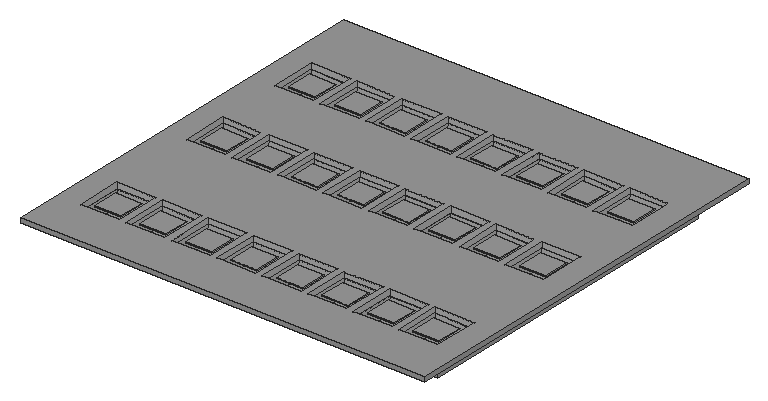
Revit family "2023874", category Lighting Fixtures, host Face, Revit 2018
Family settings
  Host = Face
  Round Connector Dimension = Use Diameter
  Part Type = Normal
  OmniClass Number = 23.80.70.00
  OmniClass Title = Lighting
  Cut with Voids When Loaded = No
  Light Source = Yes
  Shared = No
  Room Calculation Point = No
Parameters (values of type "2023874 OPTIX R 625 3L LUMI HCL TW ALU SSC")
  Weight = "n/a"
  Wattage Comments = ""
  Wattage = 9.2903 W
  WarrantyStartDate [instance] = "n/a"
  WarrantyGuarantorParts = "n/a"
  WarrantyDurationUnit = "n/a"
  WarrantyDurationParts = ""
  WarrantyDescription = "http://www.sylvania-lighting.com"
  built-in parameter 1150110 = 1 (stored number, unit not read)
  Voltage = 0 V
  URL = "1"
  TypeName = "OPTIX RECESSED 625 3L LUMI HCL TW ALU SSC"
  Type Image = <None>
  Type Comments = "n/a"
  built-in parameter 1114217 = 1 (stored number, unit not read)
  Tilt Angle = -90.00°
  built-in parameter 1150109 = 1 (stored number, unit not read)
  built-in parameter 1150134 = 3
  built-in parameter 1150113 = 1 (stored number, unit not read)
  SerialNumber [instance] = "n/a"
  Photometric Web File = "2023874.ies"
  Material_3_SYL = none
  PowerFactor = 0
  PowerConsumption = "Lighting"
  NominalLength = 621 mm
  NominalHeight = 38 mm
  NominalDepth = 620 mm
  Name = "OPTIX RECESSED 625 3L LUMI HCL TW ALU SSC"
  ModelReference = Name  # "OPTIX RECESSED 625 3L LUMI HCL TW ALU SSC"
  ModelNumber = "2023874"
  Model = Name  # "OPTIX RECESSED 625 3L LUMI HCL TW ALU SSC"
  Material = "Feilo Sylvania"
  ManufacturerName = "93 lm/W"
  Manufacturer = ""
  LuminousEfficacy = ""
  built-in parameter 1150105 = 109.82 (stored number, unit not read)
  Lumens = 1380 lm
  LuminaireType = "0"
  built-in parameter 1150115 = 1 (stored number, unit not read)
  LightOutputRatio = "LED"
  built-in parameter 1150137 = (empty or 0)
  built-in parameter 1150139 = (empty or 0)
  LampsType = Lamp  # "n/a"
  LampNominalLuminous = "4000 K"
  LampMacAdamStep = "96"
  LampColourTemperature = "LED"
  LampColourRenderingIndex = "16500"
  built-in parameter 1150112 = 1 (stored number, unit not read)
  built-in parameter 1150114 = 1 (stored number, unit not read)
  Lamp = "n/a"
  Keynote = "n/a"
  InstallationDate [instance] = "n/a"
  InputVoltage = "0"
  InputNominalFrequency = "4000"
  built-in parameter 1150132 = (empty or 0)
  built-in parameter 1150102 = (empty or 0)
  built-in parameter 1150107 = 3200 (stored number, unit not read)
  built-in parameter 1150138 = (empty or 0)
  IngressProtection = "IfcLightFixtureType"
  ImpactProtectionIndex = "IfcLightFixtureType"
  built-in parameter 1150106 = 1.0982 (stored number, unit not read)
  IfcExportType = "IfcLightFixtureType"
  IfcExportAs = "Class I"
  Emit from Circle Diameter = 609.6 mm
  Emit Shape Visible in Rendering = no
  ElectricShockClassification = "93"
  built-in parameter 1150104 = 13.8 (stored number, unit not read)
  DocumentationLiterature = "http://www.sylvania-lighting.com/product/en-int/products/2023874"
  DimmingControlOptions = "n/a"
  Material_2_SYL = none
  Dimming Lamp Color Temperature Shift = <None>
  Description = "OPTIX RECESSED 625 3L LUMI HCL TW ALU SSC is a ceiling recessed luminaire for office and education applications with Aluminised plastic extra low glare optics and RAL9016 colour fixture body. SylSmart Standalone controlled tunable white light engine. 2700-6200K Tunable White LED, chromaticity tolerance of 3-step MacAdam ellipse. For 2700K - Colour rendering index Ra >98; Melanopic Ratio MEER: 0.528; Fidelity Index Rᶠ: 97; Gamut Index Rᶢ: 101. For 4000K - Colour rendering index Ra >96; Melanopic Ratio MEER: 0.822; Fidelity Index Rᶠ: 95; Gamut Index Rᶢ: 101. For 6200K - Colour rendering index Ra >99; Melanopic Ratio MEER: 1.077; Fidelity Index Rᶠ: 96; Gamut Index Rᶢ: 99. For 4000K luminous flux: 3500lm. Power consumption: 38W. Luminaire efficacy: 92lm/W. UGR<16 Luminance at 65°<200 Cd/m2, IK07, IP20. Photobiological safety risk group 0. Electrical protection Class I. Glow wire test 850°C. 68,000hrs L80B20 lifespan."
  Default Elevation = 1219.2 mm
  CreatedOn = "13/10/2022"
  CreatedBy = "@sylvania-lighting.com"
  Cost = 0
  Color Filter = 16777215
  built-in parameter 1114216 [instance] = (empty or 0)
  ClassificationValue = "EF_70_80"
  ClassificationName = "Uniclass2015"
  Material_1_SYL = none
  BarCode [instance] = "n/a"
  built-in parameter 1114218 = 1 (stored number, unit not read)
  built-in parameter 1150133 = 10 (stored number, unit not read)
  AssetType = "Fixed"
  AssetIdentifier [instance] = "n/a"
  Assembly Code = "D5020200"
  Apparent Load = 38 VA
  Material_4_SYL = none
Reference planes
  plane 1 "Center (Front/Back)": y = 0
  plane 2: z = 0
  plane 3 "Center (Left/Right)": x = 0
  plane 4: x = -310.5
  plane 5: x = 310.5
  plane 6: y = 310
  plane 7: y = -310
  plane 8: x = -281.5
  plane 9: x = 281.5
  plane 10: y = 250
  plane 11: y = -250
  plane 12: z = -32
  plane 13: z = 6
  plane 14: y = 204
  plane 15: y = -204
  plane 16: y = 134
  plane 17: y = -134
  plane 18: x = -280
  plane 19: x = 280
  plane 20: x = -275.2
  plane 21: x = -215.2
  plane 22: x = -205.4
  plane 23: x = -145.397
  plane 24: x = -135.597
  plane 25: x = -75.597
  plane 26: x = -65.797
  plane 27: x = -5.797
  plane 28: x = 4.003
  plane 29: x = 64.003
  plane 30: x = 73.803
  plane 31: x = 143.603
  plane 32: x = 133.803
  plane 33: x = 203.603
  plane 34: x = 213.403
  plane 35: x = 273.403
  plane 36: y = 149
  plane 37: y = 189
  plane 38: x = -225.2
  plane 39: x = -265.2
  plane 40: y = 169
  plane 41: y = 35
  plane 42: y = -35
  plane 43: x = -275.2
  plane 44: x = -215.2
  plane 45: x = -205.4
  plane 46: x = -145.397
  plane 47: x = -135.597
  plane 48: x = -75.597
  plane 49: x = -65.797
  plane 50: x = -5.797
  plane 51: x = 4.003
  plane 52: x = 64.003
  plane 53: x = 73.803
  plane 54: x = 143.603
  plane 55: x = 133.803
  plane 56: x = 203.603
  plane 57: x = 213.403
  plane 58: x = 273.403
  plane 59: y = -20
  plane 60: y = 20
  plane 61: x = -225.2
  plane 62: x = -265.2
  plane 63: y = 0
  plane 64: x = -275.2
  plane 65: x = -215.2
  plane 66: x = -205.4
  plane 67: x = -145.397
  plane 68: x = -135.597
  plane 69: x = -75.597
  plane 70: x = -65.797
  plane 71: x = -5.797
  plane 72: x = 4.003
  plane 73: x = 64.003
  plane 74: x = 73.803
  plane 75: x = 143.603
  plane 76: x = 133.803
  plane 77: x = 203.603
  plane 78: x = 213.403
  plane 79: x = 273.403
  plane 80: y = -224
  plane 81: y = -184
  plane 82: x = -225.2
  plane 83: x = -265.2
Forms (mm)
  Extrusion 1, solid, material "Aluminum", detail levels medium+fine
    sketch origin (0, 0, 0) x (1, 0, 0) y (0, 1, 0)
      loop
        line (-310.5, 310) -> (-310.5, -310) -> (310.5, -310) -> (310.5, 310) -> (-310.5, 310)
    from 0 to 6
  Extrusion 2, solid, material "Aluminum", detail levels medium+fine
    sketch origin (0, 0, 0) x (1, 0, 0) y (0, 1, 0)
      loop
        line (-281.5, 250) -> (-281.5, -250) -> (281.5, -250) -> (281.5, 250) -> (-281.5, 250)
    from 0 to -32
  Blend 3, void
    base sketch origin (0, 0, 0) x (1, 0, 0) y (0, 1, 0)
      loop
        line (-275.2, 204) -> (-275.2, 134) -> (-215.2, 134) -> (-215.2, 204) -> (-275.2, 204)
    top sketch origin (0, 0, 0) x (1, 0, 0) y (0, 1, 0)
      loop
        line (-265.2, 189) -> (-265.2, 149) -> (-225.2, 149) -> (-225.2, 189) -> (-265.2, 189)
    from 6 to -19
  Blend 4, void
    base sketch origin (69.8, 0, 0) x (1, 0, 0) y (0, 1, 0)
      loop
        line (-275.2, 204) -> (-275.2, 134) -> (-215.2, 134) -> (-215.2, 204) -> (-275.2, 204)
    top sketch origin (69.8, 0, 0) x (1, 0, 0) y (0, 1, 0)
      loop
        line (-265.2, 189) -> (-265.2, 149) -> (-225.2, 149) -> (-225.2, 189) -> (-265.2, 189)
    from 6 to -19
  Blend 5, void
    base sketch origin (139.603, 0, 0) x (1, 0, 0) y (0, 1, 0)
      loop
        line (-275.2, 204) -> (-275.2, 134) -> (-215.2, 134) -> (-215.2, 204) -> (-275.2, 204)
    top sketch origin (139.603, 0, 0) x (1, 0, 0) y (0, 1, 0)
      loop
        line (-265.2, 189) -> (-265.2, 149) -> (-225.2, 149) -> (-225.2, 189) -> (-265.2, 189)
    from 6 to -19
  Blend 6, void
    base sketch origin (209.403, 0, 0) x (1, 0, 0) y (0, 1, 0)
      loop
        line (-275.2, 204) -> (-275.2, 134) -> (-215.2, 134) -> (-215.2, 204) -> (-275.2, 204)
    top sketch origin (209.403, 0, 0) x (1, 0, 0) y (0, 1, 0)
      loop
        line (-265.2, 189) -> (-265.2, 149) -> (-225.2, 149) -> (-225.2, 189) -> (-265.2, 189)
    from 6 to -19
  Blend 7, void
    base sketch origin (279.203, 0, 0) x (1, 0, 0) y (0, 1, 0)
      loop
        line (-275.2, 204) -> (-275.2, 134) -> (-215.2, 134) -> (-215.2, 204) -> (-275.2, 204)
    top sketch origin (279.203, 0, 0) x (1, 0, 0) y (0, 1, 0)
      loop
        line (-265.2, 189) -> (-265.2, 149) -> (-225.2, 149) -> (-225.2, 189) -> (-265.2, 189)
    from 6 to -19
  Blend 8, void
    base sketch origin (349.003, 0, 0) x (1, 0, 0) y (0, 1, 0)
      loop
        line (-275.2, 204) -> (-275.2, 134) -> (-215.2, 134) -> (-215.2, 204) -> (-275.2, 204)
    top sketch origin (349.003, 0, 0) x (1, 0, 0) y (0, 1, 0)
      loop
        line (-265.2, 189) -> (-265.2, 149) -> (-225.2, 149) -> (-225.2, 189) -> (-265.2, 189)
    from 6 to -19
  Blend 9, void
    base sketch origin (418.803, 0, 0) x (1, 0, 0) y (0, 1, 0)
      loop
        line (-275.2, 204) -> (-275.2, 134) -> (-215.2, 134) -> (-215.2, 204) -> (-275.2, 204)
    top sketch origin (418.803, 0, 0) x (1, 0, 0) y (0, 1, 0)
      loop
        line (-265.2, 189) -> (-265.2, 149) -> (-225.2, 149) -> (-225.2, 189) -> (-265.2, 189)
    from 6 to -19
  Blend 10, void
    base sketch origin (488.603, 0, 0) x (1, 0, 0) y (0, 1, 0)
      loop
        line (-275.2, 204) -> (-275.2, 134) -> (-215.2, 134) -> (-215.2, 204) -> (-275.2, 204)
    top sketch origin (488.603, 0, 0) x (1, 0, 0) y (0, 1, 0)
      loop
        line (-265.2, 189) -> (-265.2, 149) -> (-225.2, 149) -> (-225.2, 189) -> (-265.2, 189)
    from 6 to -19
  Extrusion 11, solid, material "Glass, White, High Luminance", detail levels fine
    sketch origin (0, 0, 0) x (1, 0, 0) y (0, 1, 0)
      loop
        line (-265.2, 189) -> (-265.2, 149) -> (-225.2, 149) -> (-225.2, 189) -> (-265.2, 189)
    from 0 to 1
  Extrusion 12, solid, material "Glass, White, High Luminance", detail levels fine
    sketch origin (69.8, 0, 0) x (1, 0, 0) y (0, 1, 0)
      loop
        line (-265.2, 189) -> (-265.2, 149) -> (-225.2, 149) -> (-225.2, 189) -> (-265.2, 189)
    from 0 to 1
  Extrusion 13, solid, material "Glass, White, High Luminance", detail levels fine
    sketch origin (139.603, 0, 0) x (1, 0, 0) y (0, 1, 0)
      loop
        line (-265.2, 189) -> (-265.2, 149) -> (-225.2, 149) -> (-225.2, 189) -> (-265.2, 189)
    from 0 to 1
  Extrusion 14, solid, material "Glass, White, High Luminance", detail levels fine
    sketch origin (209.403, 0, 0) x (1, 0, 0) y (0, 1, 0)
      loop
        line (-265.2, 189) -> (-265.2, 149) -> (-225.2, 149) -> (-225.2, 189) -> (-265.2, 189)
    from 0 to 1
  Extrusion 15, solid, material "Glass, White, High Luminance", detail levels fine
    sketch origin (279.203, 0, 0) x (1, 0, 0) y (0, 1, 0)
      loop
        line (-265.2, 189) -> (-265.2, 149) -> (-225.2, 149) -> (-225.2, 189) -> (-265.2, 189)
    from 0 to 1
  Extrusion 16, solid, material "Glass, White, High Luminance", detail levels fine
    sketch origin (349.003, 0, 0) x (1, 0, 0) y (0, 1, 0)
      loop
        line (-265.2, 189) -> (-265.2, 149) -> (-225.2, 149) -> (-225.2, 189) -> (-265.2, 189)
    from 0 to 1
  Extrusion 17, solid, material "Glass, White, High Luminance", detail levels fine
    sketch origin (418.803, 0, 0) x (1, 0, 0) y (0, 1, 0)
      loop
        line (-265.2, 189) -> (-265.2, 149) -> (-225.2, 149) -> (-225.2, 189) -> (-265.2, 189)
    from 0 to 1
  Extrusion 18, solid, material "Glass, White, High Luminance", detail levels fine
    sketch origin (488.603, 0, 0) x (1, 0, 0) y (0, 1, 0)
      loop
        line (-265.2, 189) -> (-265.2, 149) -> (-225.2, 149) -> (-225.2, 189) -> (-265.2, 189)
    from 0 to 1
  Extrusion 19, solid, material "Glass, White, High Luminance", detail levels fine
    sketch origin (0, -169, 0) x (1, 0, 0) y (0, 1, 0)
      loop
        line (-265.2, 189) -> (-265.2, 149) -> (-225.2, 149) -> (-225.2, 189) -> (-265.2, 189)
    from 0 to 1
  Extrusion 20, solid, material "Glass, White, High Luminance", detail levels fine
    sketch origin (69.8, -169, 0) x (1, 0, 0) y (0, 1, 0)
      loop
        line (-265.2, 189) -> (-265.2, 149) -> (-225.2, 149) -> (-225.2, 189) -> (-265.2, 189)
    from 0 to 1
  Extrusion 21, solid, material "Glass, White, High Luminance", detail levels fine
    sketch origin (139.603, -169, 0) x (1, 0, 0) y (0, 1, 0)
      loop
        line (-265.2, 189) -> (-265.2, 149) -> (-225.2, 149) -> (-225.2, 189) -> (-265.2, 189)
    from 0 to 1
  Extrusion 22, solid, material "Glass, White, High Luminance", detail levels fine
    sketch origin (209.403, -169, 0) x (1, 0, 0) y (0, 1, 0)
      loop
        line (-265.2, 189) -> (-265.2, 149) -> (-225.2, 149) -> (-225.2, 189) -> (-265.2, 189)
    from 0 to 1
  Extrusion 23, solid, material "Glass, White, High Luminance", detail levels fine
    sketch origin (279.203, -169, 0) x (1, 0, 0) y (0, 1, 0)
      loop
        line (-265.2, 189) -> (-265.2, 149) -> (-225.2, 149) -> (-225.2, 189) -> (-265.2, 189)
    from 0 to 1
  Extrusion 24, solid, material "Glass, White, High Luminance", detail levels fine
    sketch origin (349.003, -169, 0) x (1, 0, 0) y (0, 1, 0)
      loop
        line (-265.2, 189) -> (-265.2, 149) -> (-225.2, 149) -> (-225.2, 189) -> (-265.2, 189)
    from 0 to 1
  Extrusion 25, solid, material "Glass, White, High Luminance", detail levels fine
    sketch origin (418.803, -169, 0) x (1, 0, 0) y (0, 1, 0)
      loop
        line (-265.2, 189) -> (-265.2, 149) -> (-225.2, 149) -> (-225.2, 189) -> (-265.2, 189)
    from 0 to 1
  Extrusion 26, solid, material "Glass, White, High Luminance", detail levels fine
    sketch origin (488.603, -169, 0) x (1, 0, 0) y (0, 1, 0)
      loop
        line (-265.2, 189) -> (-265.2, 149) -> (-225.2, 149) -> (-225.2, 189) -> (-265.2, 189)
    from 0 to 1
  Blend 27, void
    base sketch origin (0, -169, 0) x (1, 0, 0) y (0, 1, 0)
      loop
        line (-275.2, 204) -> (-275.2, 134) -> (-215.2, 134) -> (-215.2, 204) -> (-275.2, 204)
    top sketch origin (0, -169, 0) x (1, 0, 0) y (0, 1, 0)
      loop
        line (-265.2, 189) -> (-265.2, 149) -> (-225.2, 149) -> (-225.2, 189) -> (-265.2, 189)
    from 6 to -19
  Blend 28, void
    base sketch origin (69.8, -169, 0) x (1, 0, 0) y (0, 1, 0)
      loop
        line (-275.2, 204) -> (-275.2, 134) -> (-215.2, 134) -> (-215.2, 204) -> (-275.2, 204)
    top sketch origin (69.8, -169, 0) x (1, 0, 0) y (0, 1, 0)
      loop
        line (-265.2, 189) -> (-265.2, 149) -> (-225.2, 149) -> (-225.2, 189) -> (-265.2, 189)
    from 6 to -19
  Blend 29, void
    base sketch origin (139.603, -169, 0) x (1, 0, 0) y (0, 1, 0)
      loop
        line (-275.2, 204) -> (-275.2, 134) -> (-215.2, 134) -> (-215.2, 204) -> (-275.2, 204)
    top sketch origin (139.603, -169, 0) x (1, 0, 0) y (0, 1, 0)
      loop
        line (-265.2, 189) -> (-265.2, 149) -> (-225.2, 149) -> (-225.2, 189) -> (-265.2, 189)
    from 6 to -19
  Blend 30, void
    base sketch origin (209.403, -169, 0) x (1, 0, 0) y (0, 1, 0)
      loop
        line (-275.2, 204) -> (-275.2, 134) -> (-215.2, 134) -> (-215.2, 204) -> (-275.2, 204)
    top sketch origin (209.403, -169, 0) x (1, 0, 0) y (0, 1, 0)
      loop
        line (-265.2, 189) -> (-265.2, 149) -> (-225.2, 149) -> (-225.2, 189) -> (-265.2, 189)
    from 6 to -19
  Blend 31, void
    base sketch origin (279.203, -169, 0) x (1, 0, 0) y (0, 1, 0)
      loop
        line (-275.2, 204) -> (-275.2, 134) -> (-215.2, 134) -> (-215.2, 204) -> (-275.2, 204)
    top sketch origin (279.203, -169, 0) x (1, 0, 0) y (0, 1, 0)
      loop
        line (-265.2, 189) -> (-265.2, 149) -> (-225.2, 149) -> (-225.2, 189) -> (-265.2, 189)
    from 6 to -19
  Blend 32, void
    base sketch origin (349.003, -169, 0) x (1, 0, 0) y (0, 1, 0)
      loop
        line (-275.2, 204) -> (-275.2, 134) -> (-215.2, 134) -> (-215.2, 204) -> (-275.2, 204)
    top sketch origin (349.003, -169, 0) x (1, 0, 0) y (0, 1, 0)
      loop
        line (-265.2, 189) -> (-265.2, 149) -> (-225.2, 149) -> (-225.2, 189) -> (-265.2, 189)
    from 6 to -19
  Blend 33, void
    base sketch origin (418.803, -169, 0) x (1, 0, 0) y (0, 1, 0)
      loop
        line (-275.2, 204) -> (-275.2, 134) -> (-215.2, 134) -> (-215.2, 204) -> (-275.2, 204)
    top sketch origin (418.803, -169, 0) x (1, 0, 0) y (0, 1, 0)
      loop
        line (-265.2, 189) -> (-265.2, 149) -> (-225.2, 149) -> (-225.2, 189) -> (-265.2, 189)
    from 6 to -19
  Blend 34, void
    base sketch origin (488.603, -169, 0) x (1, 0, 0) y (0, 1, 0)
      loop
        line (-275.2, 204) -> (-275.2, 134) -> (-215.2, 134) -> (-215.2, 204) -> (-275.2, 204)
    top sketch origin (488.603, -169, 0) x (1, 0, 0) y (0, 1, 0)
      loop
        line (-265.2, 189) -> (-265.2, 149) -> (-225.2, 149) -> (-225.2, 189) -> (-265.2, 189)
    from 6 to -19
  Extrusion 35, solid, material "Glass, White, High Luminance", detail levels fine
    sketch origin (0, -373, 0) x (1, 0, 0) y (0, 1, 0)
      loop
        line (-265.2, 189) -> (-265.2, 149) -> (-225.2, 149) -> (-225.2, 189) -> (-265.2, 189)
    from 0 to 1
  Extrusion 36, solid, material "Glass, White, High Luminance", detail levels fine
    sketch origin (69.8, -373, 0) x (1, 0, 0) y (0, 1, 0)
      loop
        line (-265.2, 189) -> (-265.2, 149) -> (-225.2, 149) -> (-225.2, 189) -> (-265.2, 189)
    from 0 to 1
  Extrusion 37, solid, material "Glass, White, High Luminance", detail levels fine
    sketch origin (139.603, -373, 0) x (1, 0, 0) y (0, 1, 0)
      loop
        line (-265.2, 189) -> (-265.2, 149) -> (-225.2, 149) -> (-225.2, 189) -> (-265.2, 189)
    from 0 to 1
  Extrusion 38, solid, material "Glass, White, High Luminance", detail levels fine
    sketch origin (209.403, -373, 0) x (1, 0, 0) y (0, 1, 0)
      loop
        line (-265.2, 189) -> (-265.2, 149) -> (-225.2, 149) -> (-225.2, 189) -> (-265.2, 189)
    from 0 to 1
  Extrusion 39, solid, material "Glass, White, High Luminance", detail levels fine
    sketch origin (279.203, -373, 0) x (1, 0, 0) y (0, 1, 0)
      loop
        line (-265.2, 189) -> (-265.2, 149) -> (-225.2, 149) -> (-225.2, 189) -> (-265.2, 189)
    from 0 to 1
  Extrusion 40, solid, material "Glass, White, High Luminance", detail levels fine
    sketch origin (349.003, -373, 0) x (1, 0, 0) y (0, 1, 0)
      loop
        line (-265.2, 189) -> (-265.2, 149) -> (-225.2, 149) -> (-225.2, 189) -> (-265.2, 189)
    from 0 to 1
  Extrusion 41, solid, material "Glass, White, High Luminance", detail levels fine
    sketch origin (418.803, -373, 0) x (1, 0, 0) y (0, 1, 0)
      loop
        line (-265.2, 189) -> (-265.2, 149) -> (-225.2, 149) -> (-225.2, 189) -> (-265.2, 189)
    from 0 to 1
  Extrusion 42, solid, material "Glass, White, High Luminance", detail levels fine
    sketch origin (488.603, -373, 0) x (1, 0, 0) y (0, 1, 0)
      loop
        line (-265.2, 189) -> (-265.2, 149) -> (-225.2, 149) -> (-225.2, 189) -> (-265.2, 189)
    from 0 to 1
  Blend 43, void
    base sketch origin (0, -373, 0) x (1, 0, 0) y (0, 1, 0)
      loop
        line (-275.2, 204) -> (-275.2, 134) -> (-215.2, 134) -> (-215.2, 204) -> (-275.2, 204)
    top sketch origin (0, -373, 0) x (1, 0, 0) y (0, 1, 0)
      loop
        line (-265.2, 189) -> (-265.2, 149) -> (-225.2, 149) -> (-225.2, 189) -> (-265.2, 189)
    from 6 to -19
  Blend 44, void
    base sketch origin (69.8, -373, 0) x (1, 0, 0) y (0, 1, 0)
      loop
        line (-275.2, 204) -> (-275.2, 134) -> (-215.2, 134) -> (-215.2, 204) -> (-275.2, 204)
    top sketch origin (69.8, -373, 0) x (1, 0, 0) y (0, 1, 0)
      loop
        line (-265.2, 189) -> (-265.2, 149) -> (-225.2, 149) -> (-225.2, 189) -> (-265.2, 189)
    from 6 to -19
  Blend 45, void
    base sketch origin (139.603, -373, 0) x (1, 0, 0) y (0, 1, 0)
      loop
        line (-275.2, 204) -> (-275.2, 134) -> (-215.2, 134) -> (-215.2, 204) -> (-275.2, 204)
    top sketch origin (139.603, -373, 0) x (1, 0, 0) y (0, 1, 0)
      loop
        line (-265.2, 189) -> (-265.2, 149) -> (-225.2, 149) -> (-225.2, 189) -> (-265.2, 189)
    from 6 to -19
  Blend 46, void
    base sketch origin (209.403, -373, 0) x (1, 0, 0) y (0, 1, 0)
      loop
        line (-275.2, 204) -> (-275.2, 134) -> (-215.2, 134) -> (-215.2, 204) -> (-275.2, 204)
    top sketch origin (209.403, -373, 0) x (1, 0, 0) y (0, 1, 0)
      loop
        line (-265.2, 189) -> (-265.2, 149) -> (-225.2, 149) -> (-225.2, 189) -> (-265.2, 189)
    from 6 to -19
  Blend 47, void
    base sketch origin (279.203, -373, 0) x (1, 0, 0) y (0, 1, 0)
      loop
        line (-275.2, 204) -> (-275.2, 134) -> (-215.2, 134) -> (-215.2, 204) -> (-275.2, 204)
    top sketch origin (279.203, -373, 0) x (1, 0, 0) y (0, 1, 0)
      loop
        line (-265.2, 189) -> (-265.2, 149) -> (-225.2, 149) -> (-225.2, 189) -> (-265.2, 189)
    from 6 to -19
  Blend 48, void
    base sketch origin (349.003, -373, 0) x (1, 0, 0) y (0, 1, 0)
      loop
        line (-275.2, 204) -> (-275.2, 134) -> (-215.2, 134) -> (-215.2, 204) -> (-275.2, 204)
    top sketch origin (349.003, -373, 0) x (1, 0, 0) y (0, 1, 0)
      loop
        line (-265.2, 189) -> (-265.2, 149) -> (-225.2, 149) -> (-225.2, 189) -> (-265.2, 189)
    from 6 to -19
  Blend 49, void
    base sketch origin (418.803, -373, 0) x (1, 0, 0) y (0, 1, 0)
      loop
        line (-275.2, 204) -> (-275.2, 134) -> (-215.2, 134) -> (-215.2, 204) -> (-275.2, 204)
    top sketch origin (418.803, -373, 0) x (1, 0, 0) y (0, 1, 0)
      loop
        line (-265.2, 189) -> (-265.2, 149) -> (-225.2, 149) -> (-225.2, 189) -> (-265.2, 189)
    from 6 to -19
  Blend 50, void
    base sketch origin (488.603, -373, 0) x (1, 0, 0) y (0, 1, 0)
      loop
        line (-275.2, 204) -> (-275.2, 134) -> (-215.2, 134) -> (-215.2, 204) -> (-275.2, 204)
    top sketch origin (488.603, -373, 0) x (1, 0, 0) y (0, 1, 0)
      loop
        line (-265.2, 189) -> (-265.2, 149) -> (-225.2, 149) -> (-225.2, 189) -> (-265.2, 189)
    from 6 to -19
  Extrusion 51, solid, detail levels coarse
    sketch origin (0, 0, 0) x (1, 0, 0) y (0, 0, 1)
      loop
        line (-310.5, 6) -> (-310.5, -32) -> (310, -32) -> (310, 6) -> (-310.5, 6)
    from -310 to 310
Cuts and joins
  Blend 3, Blend 4, Blend 5, Blend 6, Blend 7, Blend 8, Blend 9, Blend 10, Blend 27, Blend 28, Blend 29, Blend 30, Blend 31, Blend 32, Blend 33, Blend 34, Blend 43, Blend 44, Blend 45, Blend 46, Blend 47, Blend 48, Blend 49, Blend 50 cuts Extrusion 1
  Blend 3, Blend 4, Blend 5, Blend 6, Blend 7, Blend 8, Blend 9, Blend 10, Blend 27, Blend 28, Blend 29, Blend 30, Blend 31, Blend 32, Blend 33, Blend 34, Blend 43, Blend 44, Blend 45, Blend 46, Blend 47, Blend 48, Blend 49, Blend 50 cuts Extrusion 2
  Blend 27 cuts Extrusion 11
  Blend 28 cuts Extrusion 12
  Blend 29 cuts Extrusion 13
  Blend 30 cuts Extrusion 14
  Blend 31 cuts Extrusion 15
  Blend 32 cuts Extrusion 16
  Blend 33 cuts Extrusion 17
  Blend 34 cuts Extrusion 18
  Blend 43 cuts Extrusion 19
  Blend 44 cuts Extrusion 20
  Blend 45 cuts Extrusion 21
  Blend 46 cuts Extrusion 22
  Blend 47 cuts Extrusion 23
  Blend 48 cuts Extrusion 24
  Blend 49 cuts Extrusion 25
  Blend 50 cuts Extrusion 26
Dimensions and locks
  "NominalLength": plane 4 to plane 5
  equal spacing: plane 4, plane 3 "Center (Left/Right)", plane 5
  "NominalDepth": plane 6 to plane 7
  equal spacing: plane 6, plane 1 "Center (Front/Back)", plane 7
  plane 12 to plane 2 = 32 mm
  plane 13 to plane 2 = 6 mm
  "NominalHeight": plane 12 to plane 13
  aligned and locked: plane 2 to host face
  aligned and locked: level to host face
Automatic sketch dimensions
  host sketch curve to host sketch curve = 2438.4 mm  (x2)
  Extrusion 1 sketch curve to plane 4 = 0 mm
  Extrusion 1 sketch curve to plane 5 = 0 mm
  Extrusion 1 sketch curve to plane 7 = 0 mm
  Extrusion 1 sketch curve to plane 6 = 0 mm
  Extrusion 2 sketch curve to plane 8 = 0 mm
  Extrusion 2 sketch curve to plane 9 = 0 mm
  Extrusion 2 sketch curve to plane 11 = 0 mm
  Extrusion 2 sketch curve to plane 10 = 0 mm
  Blend 3 sketch curve to plane 16 = 0 mm
  Blend 3 sketch curve to plane 20 = 0 mm
  Blend 3 sketch curve to plane 21 = 0 mm
  Blend 3 sketch curve to plane 14 = 0 mm
  Blend 3 sketch curve to plane 36 = 0 mm
  Blend 3 sketch curve to plane 39 = 0 mm
  Blend 3 sketch curve to plane 38 = 0 mm
  Blend 3 sketch curve to plane 37 = 0 mm
  Blend 4 sketch curve to plane 16 = 0 mm
  Blend 4 sketch curve to plane 22 = 0 mm
  Blend 4 sketch curve to plane 14 = 0 mm
  Blend 4 sketch curve to plane 23 = 0.003 mm
  Blend 4 sketch curve to plane 36 = 0 mm
  Blend 4 sketch curve to plane 37 = 0 mm
  plane 22 to Blend 4 sketch curve = 10 mm
  Blend 4 sketch curve to plane 23 = 10.003 mm
  Blend 5 sketch curve to plane 16 = 0 mm
  Blend 5 sketch curve to plane 24 = 0 mm
  Blend 5 sketch curve to plane 25 = 0 mm
  Blend 5 sketch curve to plane 14 = 0 mm
  plane 36 to Blend 5 sketch curve = 0 mm
  plane 37 to Blend 5 sketch curve = 0 mm
  plane 24 to Blend 5 sketch curve = 10 mm
  Blend 5 sketch curve to plane 25 = 10 mm
  Blend 6 sketch curve to plane 16 = 0 mm
  Blend 6 sketch curve to plane 26 = 0 mm
  Blend 6 sketch curve to plane 27 = 0 mm
  Blend 6 sketch curve to plane 14 = 0 mm
  plane 36 to Blend 6 sketch curve = 0 mm
  plane 37 to Blend 6 sketch curve = 0 mm
  plane 26 to Blend 6 sketch curve = 10 mm
  Blend 6 sketch curve to plane 27 = 10 mm
  Blend 7 sketch curve to plane 16 = 0 mm
  Blend 7 sketch curve to plane 28 = 0 mm
  Blend 7 sketch curve to plane 29 = 0 mm
  Blend 7 sketch curve to plane 14 = 0 mm
  plane 36 to Blend 7 sketch curve = 0 mm
  plane 37 to Blend 7 sketch curve = 0 mm
  plane 28 to Blend 7 sketch curve = 10 mm
  Blend 7 sketch curve to plane 29 = 10 mm
  Blend 8 sketch curve to plane 16 = 0 mm
  Blend 8 sketch curve to plane 30 = 0 mm
  Blend 8 sketch curve to plane 32 = 0 mm
  Blend 8 sketch curve to plane 14 = 0 mm
  plane 36 to Blend 8 sketch curve = 0 mm
  plane 37 to Blend 8 sketch curve = 0 mm
  plane 30 to Blend 8 sketch curve = 10 mm
  Blend 8 sketch curve to plane 32 = 10 mm
  Blend 9 sketch curve to plane 16 = 0 mm
  Blend 9 sketch curve to plane 31 = 0 mm
  Blend 9 sketch curve to plane 33 = 0 mm
  Blend 9 sketch curve to plane 14 = 0 mm
  plane 36 to Blend 9 sketch curve = 0 mm
  plane 37 to Blend 9 sketch curve = 0 mm
  plane 31 to Blend 9 sketch curve = 10 mm
  Blend 9 sketch curve to plane 33 = 10 mm
  Blend 10 sketch curve to plane 16 = 0 mm
  Blend 10 sketch curve to plane 34 = 0 mm
  Blend 10 sketch curve to plane 35 = 0 mm
  Blend 10 sketch curve to plane 14 = 0 mm
  plane 36 to Blend 10 sketch curve = 0 mm
  plane 37 to Blend 10 sketch curve = 0 mm
  plane 34 to Blend 10 sketch curve = 10 mm
  Blend 10 sketch curve to plane 35 = 10 mm
  Extrusion 11 sketch curve to plane 36 = 0 mm
  Extrusion 11 sketch curve to plane 39 = 0 mm
  Extrusion 11 sketch curve to plane 38 = 0 mm
  Extrusion 11 sketch curve to plane 37 = 0 mm
  Extrusion 12 sketch curve to plane 36 = 0 mm
  Extrusion 12 sketch curve to plane 37 = 0 mm
  plane 22 to Extrusion 12 sketch curve = 10 mm
  Extrusion 12 sketch curve to plane 23 = 10.003 mm
  plane 36 to Extrusion 13 sketch curve = 0 mm
  plane 37 to Extrusion 13 sketch curve = 0 mm
  plane 24 to Extrusion 13 sketch curve = 10 mm
  Extrusion 13 sketch curve to plane 25 = 10 mm
  plane 36 to Extrusion 14 sketch curve = 0 mm
  plane 37 to Extrusion 14 sketch curve = 0 mm
  plane 26 to Extrusion 14 sketch curve = 10 mm
  Extrusion 14 sketch curve to plane 27 = 10 mm
  plane 36 to Extrusion 15 sketch curve = 0 mm
  plane 37 to Extrusion 15 sketch curve = 0 mm
  plane 28 to Extrusion 15 sketch curve = 10 mm
  Extrusion 15 sketch curve to plane 29 = 10 mm
  plane 36 to Extrusion 16 sketch curve = 0 mm
  plane 37 to Extrusion 16 sketch curve = 0 mm
  plane 30 to Extrusion 16 sketch curve = 10 mm
  Extrusion 16 sketch curve to plane 32 = 10 mm
  plane 36 to Extrusion 17 sketch curve = 0 mm
  plane 37 to Extrusion 17 sketch curve = 0 mm
  plane 31 to Extrusion 17 sketch curve = 10 mm
  Extrusion 17 sketch curve to plane 33 = 10 mm
  plane 36 to Extrusion 18 sketch curve = 0 mm
  plane 37 to Extrusion 18 sketch curve = 0 mm
  plane 34 to Extrusion 18 sketch curve = 10 mm
  Extrusion 18 sketch curve to plane 35 = 10 mm
  Extrusion 19 sketch curve to plane 39 = 0 mm
  Extrusion 19 sketch curve to plane 38 = 0 mm
  Extrusion 19 sketch curve to plane 59 = 0 mm
  Extrusion 19 sketch curve to plane 60 = 0 mm
  Extrusion 20 sketch curve to plane 59 = 0 mm
  Extrusion 20 sketch curve to plane 60 = 0 mm
  plane 22 to Extrusion 20 sketch curve = 10 mm
  Extrusion 20 sketch curve to plane 23 = 10.003 mm
  plane 59 to Extrusion 21 sketch curve = 0 mm
  plane 60 to Extrusion 21 sketch curve = 0 mm
  plane 24 to Extrusion 21 sketch curve = 10 mm
  Extrusion 21 sketch curve to plane 25 = 10 mm
  plane 59 to Extrusion 22 sketch curve = 0 mm
  plane 60 to Extrusion 22 sketch curve = 0 mm
  plane 26 to Extrusion 22 sketch curve = 10 mm
  Extrusion 22 sketch curve to plane 27 = 10 mm
  plane 59 to Extrusion 23 sketch curve = 0 mm
  plane 60 to Extrusion 23 sketch curve = 0 mm
  plane 28 to Extrusion 23 sketch curve = 10 mm
  Extrusion 23 sketch curve to plane 29 = 10 mm
  plane 59 to Extrusion 24 sketch curve = 0 mm
  plane 60 to Extrusion 24 sketch curve = 0 mm
  plane 30 to Extrusion 24 sketch curve = 10 mm
  Extrusion 24 sketch curve to plane 32 = 10 mm
  plane 59 to Extrusion 25 sketch curve = 0 mm
  plane 60 to Extrusion 25 sketch curve = 0 mm
  plane 31 to Extrusion 25 sketch curve = 10 mm
  Extrusion 25 sketch curve to plane 33 = 10 mm
  plane 59 to Extrusion 26 sketch curve = 0 mm
  plane 60 to Extrusion 26 sketch curve = 0 mm
  plane 34 to Extrusion 26 sketch curve = 10 mm
  Extrusion 26 sketch curve to plane 35 = 10 mm
  Blend 27 sketch curve to plane 20 = 0 mm
  Blend 27 sketch curve to plane 21 = 0 mm
  Blend 27 sketch curve to plane 42 = 0 mm
  Blend 27 sketch curve to plane 41 = 0 mm
  Blend 27 sketch curve to plane 39 = 0 mm
  Blend 27 sketch curve to plane 38 = 0 mm
  Blend 27 sketch curve to plane 59 = 0 mm
  Blend 27 sketch curve to plane 60 = 0 mm
  Blend 28 sketch curve to plane 22 = 0 mm
  Blend 28 sketch curve to plane 42 = 0 mm
  Blend 28 sketch curve to plane 41 = 0 mm
  Blend 28 sketch curve to plane 23 = 0.003 mm
  Blend 28 sketch curve to plane 59 = 0 mm
  Blend 28 sketch curve to plane 60 = 0 mm
  plane 22 to Blend 28 sketch curve = 10 mm
  Blend 28 sketch curve to plane 23 = 10.003 mm
  Blend 29 sketch curve to plane 24 = 0 mm
  Blend 29 sketch curve to plane 25 = 0 mm
  Blend 29 sketch curve to plane 42 = 0 mm
  Blend 29 sketch curve to plane 41 = 0 mm
  plane 59 to Blend 29 sketch curve = 0 mm
  plane 60 to Blend 29 sketch curve = 0 mm
  plane 24 to Blend 29 sketch curve = 10 mm
  Blend 29 sketch curve to plane 25 = 10 mm
  Blend 30 sketch curve to plane 26 = 0 mm
  Blend 30 sketch curve to plane 27 = 0 mm
  Blend 30 sketch curve to plane 42 = 0 mm
  Blend 30 sketch curve to plane 41 = 0 mm
  plane 59 to Blend 30 sketch curve = 0 mm
  plane 60 to Blend 30 sketch curve = 0 mm
  plane 26 to Blend 30 sketch curve = 10 mm
  Blend 30 sketch curve to plane 27 = 10 mm
  Blend 31 sketch curve to plane 28 = 0 mm
  Blend 31 sketch curve to plane 29 = 0 mm
  Blend 31 sketch curve to plane 42 = 0 mm
  Blend 31 sketch curve to plane 41 = 0 mm
  plane 59 to Blend 31 sketch curve = 0 mm
  plane 60 to Blend 31 sketch curve = 0 mm
  plane 28 to Blend 31 sketch curve = 10 mm
  Blend 31 sketch curve to plane 29 = 10 mm
  Blend 32 sketch curve to plane 30 = 0 mm
  Blend 32 sketch curve to plane 32 = 0 mm
  Blend 32 sketch curve to plane 42 = 0 mm
  Blend 32 sketch curve to plane 41 = 0 mm
  plane 59 to Blend 32 sketch curve = 0 mm
  plane 60 to Blend 32 sketch curve = 0 mm
  plane 30 to Blend 32 sketch curve = 10 mm
  Blend 32 sketch curve to plane 32 = 10 mm
  Blend 33 sketch curve to plane 31 = 0 mm
  Blend 33 sketch curve to plane 33 = 0 mm
  Blend 33 sketch curve to plane 42 = 0 mm
  Blend 33 sketch curve to plane 41 = 0 mm
  plane 59 to Blend 33 sketch curve = 0 mm
  plane 60 to Blend 33 sketch curve = 0 mm
  plane 31 to Blend 33 sketch curve = 10 mm
  Blend 33 sketch curve to plane 33 = 10 mm
  Blend 34 sketch curve to plane 34 = 0 mm
  Blend 34 sketch curve to plane 35 = 0 mm
  Blend 34 sketch curve to plane 42 = 0 mm
  Blend 34 sketch curve to plane 41 = 0 mm
  plane 59 to Blend 34 sketch curve = 0 mm
  plane 60 to Blend 34 sketch curve = 0 mm
  plane 34 to Blend 34 sketch curve = 10 mm
  Blend 34 sketch curve to plane 35 = 10 mm
  Extrusion 35 sketch curve to plane 39 = 0 mm
  Extrusion 35 sketch curve to plane 38 = 0 mm
  Extrusion 35 sketch curve to plane 80 = 0 mm
  Extrusion 35 sketch curve to plane 81 = 0 mm
  Extrusion 36 sketch curve to plane 80 = 0 mm
  Extrusion 36 sketch curve to plane 81 = 0 mm
  plane 22 to Extrusion 36 sketch curve = 10 mm
  Extrusion 36 sketch curve to plane 23 = 10.003 mm
  plane 80 to Extrusion 37 sketch curve = 0 mm
  plane 81 to Extrusion 37 sketch curve = 0 mm
  plane 24 to Extrusion 37 sketch curve = 10 mm
  Extrusion 37 sketch curve to plane 25 = 10 mm
  plane 80 to Extrusion 38 sketch curve = 0 mm
  plane 81 to Extrusion 38 sketch curve = 0 mm
  plane 26 to Extrusion 38 sketch curve = 10 mm
  Extrusion 38 sketch curve to plane 27 = 10 mm
  plane 80 to Extrusion 39 sketch curve = 0 mm
  plane 81 to Extrusion 39 sketch curve = 0 mm
  plane 28 to Extrusion 39 sketch curve = 10 mm
  Extrusion 39 sketch curve to plane 29 = 10 mm
  plane 80 to Extrusion 40 sketch curve = 0 mm
  plane 81 to Extrusion 40 sketch curve = 0 mm
  plane 30 to Extrusion 40 sketch curve = 10 mm
  Extrusion 40 sketch curve to plane 32 = 10 mm
  plane 80 to Extrusion 41 sketch curve = 0 mm
  plane 81 to Extrusion 41 sketch curve = 0 mm
  plane 31 to Extrusion 41 sketch curve = 10 mm
  Extrusion 41 sketch curve to plane 33 = 10 mm
  plane 80 to Extrusion 42 sketch curve = 0 mm
  plane 81 to Extrusion 42 sketch curve = 0 mm
  plane 34 to Extrusion 42 sketch curve = 10 mm
  Extrusion 42 sketch curve to plane 35 = 10 mm
  Blend 43 sketch curve to plane 20 = 0 mm
  Blend 43 sketch curve to plane 21 = 0 mm
  plane 11 to Blend 43 sketch curve = 11 mm
  plane 81 to Blend 43 sketch curve = 15 mm
  Blend 43 sketch curve to plane 39 = 0 mm
  Blend 43 sketch curve to plane 38 = 0 mm
  Blend 43 sketch curve to plane 80 = 0 mm
  Blend 43 sketch curve to plane 81 = 0 mm
  Blend 44 sketch curve to plane 22 = 0 mm
  Blend 44 sketch curve to plane 23 = 0.003 mm
  plane 11 to Blend 44 sketch curve = 11 mm
  plane 81 to Blend 44 sketch curve = 15 mm
  Blend 44 sketch curve to plane 80 = 0 mm
  Blend 44 sketch curve to plane 81 = 0 mm
  plane 22 to Blend 44 sketch curve = 10 mm
  Blend 44 sketch curve to plane 23 = 10.003 mm
  Blend 45 sketch curve to plane 24 = 0 mm
  Blend 45 sketch curve to plane 25 = 0 mm
  plane 11 to Blend 45 sketch curve = 11 mm
  plane 81 to Blend 45 sketch curve = 15 mm
  plane 80 to Blend 45 sketch curve = 0 mm
  plane 81 to Blend 45 sketch curve = 0 mm
  plane 24 to Blend 45 sketch curve = 10 mm
  Blend 45 sketch curve to plane 25 = 10 mm
  Blend 46 sketch curve to plane 26 = 0 mm
  Blend 46 sketch curve to plane 27 = 0 mm
  plane 11 to Blend 46 sketch curve = 11 mm
  plane 81 to Blend 46 sketch curve = 15 mm
  plane 80 to Blend 46 sketch curve = 0 mm
  plane 81 to Blend 46 sketch curve = 0 mm
  plane 26 to Blend 46 sketch curve = 10 mm
  Blend 46 sketch curve to plane 27 = 10 mm
  Blend 47 sketch curve to plane 28 = 0 mm
  Blend 47 sketch curve to plane 29 = 0 mm
  plane 11 to Blend 47 sketch curve = 11 mm
  plane 81 to Blend 47 sketch curve = 15 mm
  plane 80 to Blend 47 sketch curve = 0 mm
  plane 81 to Blend 47 sketch curve = 0 mm
  plane 28 to Blend 47 sketch curve = 10 mm
  Blend 47 sketch curve to plane 29 = 10 mm
  Blend 48 sketch curve to plane 30 = 0 mm
  Blend 48 sketch curve to plane 32 = 0 mm
  plane 11 to Blend 48 sketch curve = 11 mm
  plane 81 to Blend 48 sketch curve = 15 mm
  plane 80 to Blend 48 sketch curve = 0 mm
  plane 81 to Blend 48 sketch curve = 0 mm
  plane 30 to Blend 48 sketch curve = 10 mm
  Blend 48 sketch curve to plane 32 = 10 mm
  Blend 49 sketch curve to plane 31 = 0 mm
  Blend 49 sketch curve to plane 33 = 0 mm
  plane 11 to Blend 49 sketch curve = 11 mm
  plane 81 to Blend 49 sketch curve = 15 mm
  plane 80 to Blend 49 sketch curve = 0 mm
  plane 81 to Blend 49 sketch curve = 0 mm
  plane 31 to Blend 49 sketch curve = 10 mm
  Blend 49 sketch curve to plane 33 = 10 mm
  Blend 50 sketch curve to plane 34 = 0 mm
  Blend 50 sketch curve to plane 35 = 0 mm
  plane 11 to Blend 50 sketch curve = 11 mm
  plane 81 to Blend 50 sketch curve = 15 mm
  plane 80 to Blend 50 sketch curve = 0 mm
  plane 81 to Blend 50 sketch curve = 0 mm
  plane 34 to Blend 50 sketch curve = 10 mm
  Blend 50 sketch curve to plane 35 = 10 mm
  Extrusion 51 sketch curve to plane 4 = 0 mm
  plane 9 to Extrusion 51 sketch curve = 28.5 mm
  Extrusion 51 sketch curve to plane 12 = 0 mm
  plane 13 to Extrusion 51 sketch curve = 0 mm
Connectors
  electrical at (0, 0, 0), driven by "Apparent Load", driven by "PowerFactor", driven by "Voltage"
    settings: index 1, voltage 0 V, apparent load 38 VA, apparent load phase1 0 VA, apparent load phase2 0 VA, apparent load phase3 0 VA, power factor 0, load classification "Lighting", number of poles 1, system type 30, power factor state 1, is connector primary yes, connector utility no, sub classification motor no, connector description ""
